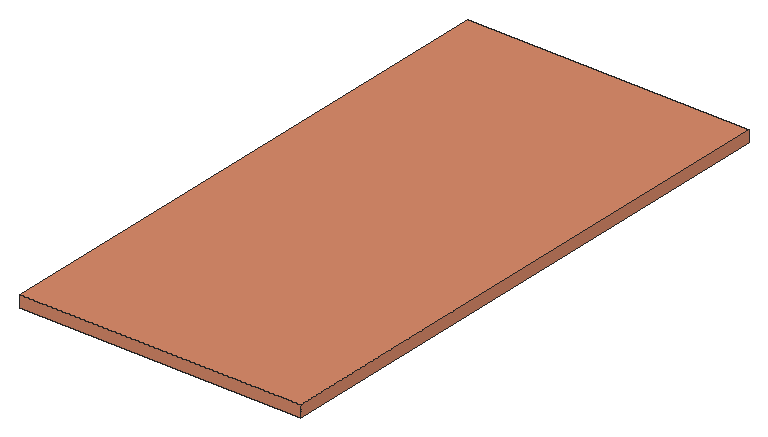
Revit family "Cambio Wall Systems - Acoustic - Pin Board 18x36", category Generic Models, host Face, Revit 2023
Family settings
  Host = Face
  Can host rebar = No
  Round Connector Dimension = Use Diameter
  Part Type = Normal
  Cut with Voids When Loaded = No
  Maintain Annotation Orientation = No
  Shared = No
  Room Calculation Point = No
Parameters (values of type "Pin Board Color - TANGERINE ZEST")
  Default Elevation = 4' - 0"
  Cambio Material = Cambio Pin Board - Tangerine Zest
Types (15): name | Cambio Material
  Pin Board Color - BLACK OLIVE | Cambio Pin Board - Black Olive
  Pin Board Color - BABY LETTUCE | Cambio Pin Board - Baby Lettuce
  Pin Board Color - BLANCHED ALMOND | Cambio Pin Board - Blanched Almond
  Pin Board Color - BLUE BERRY | Cambio Pin Board - Blue Berry
  Pin Board Color - BROWN RICE | Cambio Pin Board - Brown Rice
  Pin Board Color - CINNAMON BARK | Cambio Pin Board - Cinnamon Bark
  Pin Board Color - DUCK EGG | Cambio Pin Board - Duck Egg
  Pin Board Color - FRESH PINEAPPLE | Cambio Pin Board - Fresh Pineapple
  Pin Board Color - HOT SALSA | Cambio Pin Board - Hot Salsa
  Pin Board Color - MUSHROOM MEDLEY | Cambio Pin Board - Mushroom Medley
  Pin Board Color - NUTMEG SPICE | Cambio Pin Board - Nutmeg Spice
  Pin Board Color - OYSTER SHELL | Cambio Pin Board - Oyster Shell
  Pin Board Color - POPPY SEED | Cambio Pin Board - Poppy Seed
  Pin Board Color - POTATO SKIN | Cambio Pin Board - Potato Skin
  Pin Board Color - TANGERINE ZEST | Cambio Pin Board - Tangerine Zest
Reference planes (in)
  plane 1 "Center (Front/Back)": y = 0
  plane 2: z = 0
  plane 3 "Center (Left/Right)": x = 0
Forms (in)
  Extrusion 1, solid, material "Cambio Pin Board - Tangerine Zest" <- "Cambio Material"
    sketch origin (0, 0, 0) x (1, 0, 0) y (0, 1, 0)
      loop
        line (-9, 18) -> (-9, -18) -> (9, -18) -> (9, 18) -> (-9, 18)
    from 0 to 0.75
Dimensions and locks (in)
  Extrusion 1 sketch curve to plane 3 "Center (Left/Right)" to Extrusion 1 sketch curve = 0' - 9" locked, 0' - 9" locked
  Extrusion 1 sketch curve to plane 1 "Center (Front/Back)" to Extrusion 1 sketch curve = 1' - 6" locked, 1' - 6" locked
  aligned and locked: plane 2 to host face
  aligned and locked: level to host face
